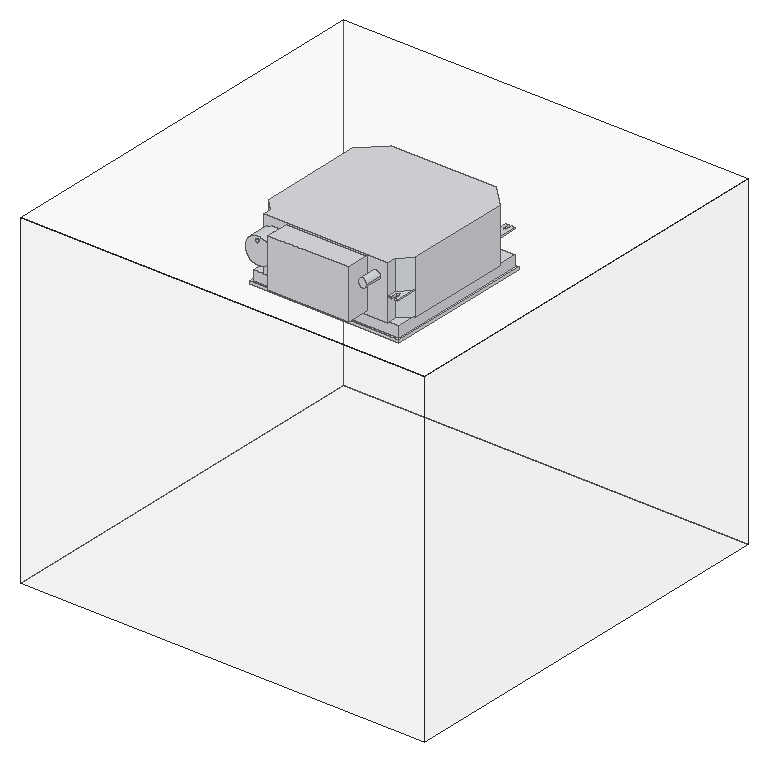
Revit family "plfyp22_56mg9_50hz", category 機械設備, Revit 2019
Family settings
  丸型コネクタ寸法 = 直径を使用
  パーツ タイプ = 標準
  OmniClass 番号 = 23.75.10.24.21.27.27
  OmniClass タイトル = Split System Air Conditioning Units
  作業面ベース = いいえ
  常に垂直 = はい
  ロード時にボイドで切り取り = いいえ
  共有 = いいえ
  部屋計算ポイント = はい
Parameters (values of type "天井4方向_PLFY-P22PMG9")
  風量（強）（m3／min） = 8.5
  風量（弱）（m3／min） = 7
  風量（中）（m3／min） = 7.5
  風量 = MAX風量  # 510.0 m³/h
  音響パワーレベル（強）(dB) = 47
  音響パワーレベル（弱）(dB) = 42
  音響パワーレベル（中）(dB) = 44
  音響パワーレベル(dB) = [音響パワーレベル（強）(dB)]  # 47
  電源種別 = ""
  電圧 = 200 V
  電動機出力_送風機 = 0.05 kW
  運転質量 = 0.00 kg
  連動 = ""
  質量 = if(製品質量 > 運転質量, 製品質量, 運転質量) * 1.2  # 19.08 kg
  負荷分類 = 3_ファン類
  構成品番 = "PLFY-P22PMG9"
  ドレン管径 (外径) = 32 mm
  ドレン管径 = 25 mm
  サービススペース = yes
  【値が 0 の項目は組合せ形名にてご確認ください】 = ""
  URL = "https://www.mitsubishielectric.co.jp/ldg/wink/ssl/top.do"
  説明 = "ビル用マルチ　天井カセット形(４方向吹出し)<システム天井タイプ>"
  設計暖房能力 = 0.00 kW
  設計冷房能力_顕熱 = 0 kW
  設計冷房能力 = 0 kW
  設置方法 = "カセット形"
  記号 [instance] = ""
  製造元 = "三菱電機株式会社"
  製品質量 = 15.90 kg
  製品出荷対象 = "国内"
  製品リリース年月 = ""
  製品グループ = ""
  系統 [instance] = ""
  符号 = "ACP-CK4"
  積算_科目 = "1 空気調和設備"
  積算_拾い区分 = ""
  相 = 1
  盤記号 [instance] = ""
  発停方法 = "付属スイッチ"
  特殊仕様 [instance] = ""
  火災停止 = ""
  消費電力_暖房 = 0.02 kW
  消費電力_冷房 = 0.02 kW
  消費電力 = if(消費電力_冷房 > 消費電力_暖房, 消費電力_冷房, 消費電力_暖房)  # 0.02 kW
  法定耐用年数 = "6"
  極数 = 1
  材質 = ""
  本体マテリアル = none
  有効加湿量 = 0
  暖房能力 = 2.50 kW
  推奨ブレーカー容量 = 15 A
  形式_加湿器 = ""
  形式 = "カセット形（4方向吹出形）"
  幹線記号 = ""
  始動方式 = "直入"
  呼称 = "マルチパッケージ形空気調和機_室内機"
  周波数 = 50 Hz
  台数_手元リモコン [instance] = ""
  台数_冷媒分岐ユニット = ""
  参照している仕様書等のバージョン = "公共建築工事標準仕様書（機械設備工事編）平成31年度版"
  加湿給水管径 = 0 mm
  分類コード = "50053003221030"
  分類グループ = ""
  冷房能力 = 2.2 kW
  冷媒高低圧ガス管径 = 0 mm
  冷媒管径符号 = "Ac"
  冷媒管径 = 100 mm
  冷媒液管径 = 6.4 mm
  冷媒ガス管径 = 12.7 mm
  企業コード = "108420"
  付属品_フィルター = ""
  付属品 = ""
  仕様書バージョン = "Version1.0"
  Model = ""
  パネルマテリアル = none
  コメント = ""
  ケーブル種類 = ""
  ケーブルサイズ = 1.6 mm
  Width = 570 mm
  Version = ""
  Uniclass2015Version = "Systems v1.9"
  Uniclass2015Title = "Split coil remote air cooled condensing units"
  Uniclass2015Code = "Pr_70_65_03_84"
  SpecificationReference = ""
  SpecificationDescription = ""
  Revision = ""
  ProductInformation = ""
  Panel Width = 580 mm
  Panel Height = 51 mm
  Panel Depth = 580 mm
  OmniClassCode = "23-33 17 13 11"
  MIN風量 = 風量（弱）（m3／min） * 60.0 m³/h  # 420.0 m³/h
  MID風量 = 風量（中）（m3／min） * 60.0 m³/h  # 450.0 m³/h
  MAX風量 = 風量（強）（m3／min） * 60.0 m³/h  # 510.0 m³/h
  IfcTypeProduct = ""
  IfcProduct = ""
  IfcExportType = "AIRCONDITIONINGUNIT"
  IfcExportAs = "IfcUnitaryEquipmentType"
  Height = 258 mm
  FamilyVersion = ""
  Depth = 570 mm
  価格 = 0
  Clearance Top = 273 mm
  Clearance Right = 500 mm
  Clearance Left = 500 mm
  Clearance Front = 500 mm
  Clearance Bottom = 1000 mm
  Clearance Back = 500 mm
  Author = "三菱電機株式会社"
Types (5, lengths in mm): name | 風量（強）（m3／min） | 風量（弱）（m3／min） | 風量（中）（m3／min） | 風量 | 音響パワーレベル（強）(dB) | 音響パワーレベル（弱）(dB) | 音響パワーレベル（中）(dB) | 音響パワーレベル(dB) | 質量 | 構成品番 | 製品質量 | 消費電力_暖房 | 消費電力_冷房 | 消費電力 | 暖房能力 | 冷房能力 | MIN風量 | MID風量 | MAX風量
  天井4方向_PLFY-P22PMG9 | 8.5 | 7 | 7.5 | 510.0 m³/h | 47 | 42 | 44 | 47 | 19.08 kg | "PLFY-P22PMG9" | 15.90 kg | 0.02 kW | 0.02 kW | 0.02 kW | 2.50 kW | 2.2 kW | 420.0 m³/h | 450.0 m³/h | 510.0 m³/h
  天井4方向_PLFY-P28PMG9 | 9 | 7 | 8 | 540.0 m³/h | 50 | 43 | 46 | 50 | 19.08 kg | "PLFY-P28PMG9" | 15.90 kg | 0.02 kW | 0.02 kW | 0.02 kW | 3.20 kW | 2.8 kW | 420.0 m³/h | 480.0 m³/h | 540.0 m³/h
  天井4方向_PLFY-P36PMG9 | 9.5 | 7 | 8 | 570.0 m³/h | 51 | 44 | 47 | 51 | 20.28 kg | "PLFY-P36PMG9" | 16.90 kg | 0.02 kW | 0.02 kW | 0.02 kW | 4.00 kW | 3.6 kW | 420.0 m³/h | 480.0 m³/h | 570.0 m³/h
  天井4方向_PLFY-P45PMG9 | 11 | 7.5 | 9 | 660.0 m³/h | 55 | 46 | 50 | 55 | 20.28 kg | "PLFY-P45PMG9" | 16.90 kg | 0.03 kW | 0.03 kW | 0.03 kW | 5.00 kW | 4.5 kW | 450.0 m³/h | 540.0 m³/h | 660.0 m³/h
  天井4方向_PLFY-P56PMG9 | 13 | 9 | 11 | 780.0 m³/h | 60 | 51 | 55 | 60 | 20.28 kg | "PLFY-P56PMG9" | 16.90 kg | 0.04 kW | 0.04 kW | 0.04 kW | 6.30 kW | 5.6 kW | 540.0 m³/h | 660.0 m³/h | 780.0 m³/h
Reference planes
  plane 1 "中心(正面/背面)": y = 0
  plane 2: z = 0
  plane 3 "中心(左/右)": x = 0
  plane 4: x = -262.5
  plane 5: x = 262.5
  plane 6: y = 262.5
  plane 7: y = -262.5
  plane 8: x = -785
  plane 9: x = 785
  plane 10: y = 785
  plane 11: y = -785
  plane 12: z = -1000
  plane 13: z = 273
  plane 14: x = -186
  plane 15: y = 285
  plane 16: y = -285
  plane 17: x = -285
  plane 18: x = 285
  plane 19: z = 258
Dimensions and locks
  plane 4 to plane 5 = 525 mm
  equal spacing: plane 4, plane 3 "中心(左/右)", plane 5
  equal spacing: plane 7, plane 1 "中心(正面/背面)", plane 6
  plane 7 to plane 6 = 525 mm
  "Clearance Top": plane 13 to plane 2
  equal spacing: plane 17, plane 3 "中心(左/右)", plane 18
  "Width": plane 17 to plane 18
  equal spacing: plane 16, plane 1 "中心(正面/背面)", plane 15
  "Depth": plane 16 to plane 15
  "Clearance Bottom": level to plane 12
  "Clearance Right": plane 18 to plane 9
  "Clearance Left": plane 8 to plane 17
  "Clearance Back": plane 15 to plane 10
  "Clearance Front": plane 11 to plane 16
  "Height": plane 19 to level
  aligned and locked: level to plane 2
  aligned and locked: plane 4 to nested 2
  aligned and locked: plane 5 to nested 2
  aligned and locked: nested 2 to plane 6
  aligned and locked: plane 7 to nested 2
  aligned and locked: plane 8 to nested 1
  aligned and locked: plane 9 to nested 1
  aligned and locked: plane 12 to nested 1
  aligned and locked: plane 13 to nested 1
  aligned and locked: plane 3 "中心(左/右)" to nested 3
  aligned and locked: nested 3 to level
  aligned and locked: plane 1 "中心(正面/背面)" to nested 3
  aligned and locked: plane 10 to nested 1
  aligned and locked: plane 11 to nested 1
Nested families
  nested 1: "サービススペース" at (0, 0, -363.5), visible <- "サービススペース", type "サービススペース"
    with Width 1570 mm, Height 1273 mm, Depth 1570 mm
  nested 2: "固定点" at (-262.5, -262.5, 0), type "固定点"
    with W 525 mm, D 525 mm
  nested 3: "PLFY-P○○PMG9_1_SN" at (0, 0, 0), パネルマテリアル <- "パネルマテリアル", 本体マテリアル <- "本体マテリアル", type "PLFY-P○○PMG9_1_SN"
    with ユニット表示 yes
Connectors
  piping at (196, -349, 201), diameter 25, driven by "ドレン管径"
    settings: on nested 3, index 1, connector inside diameter 609.6 mm, connector length 0 mm, flow factor 0, pipe flow 0.0 L/s, pressure drop 0.0 Pa, fitting loss kfactor 0, connector angle 0.00°, fixture units 0, engagement length 0 mm, angle of deflection 0.00°, flow configuration 1, flow direction 2, fitting loss method 4, system type 16, joint type 0, gender type 0, connector reference index -1, connector utility 0, adjustable connector no, is connector primary yes, connector description ""
  piping at (-199, -363, 180.5), diameter 100, driven by "冷媒管径", driven by "冷媒管径符号"
    settings: on nested 3, index 2, connector inside diameter 609.6 mm, connector length 0 mm, flow factor 0, pipe flow 0.0 L/s, pressure drop 0.0 Pa, fitting loss kfactor 0, connector angle 0.00°, fixture units 0, engagement length 0 mm, angle of deflection 0.00°, flow configuration 1, flow direction 1, fitting loss method 4, system type 7, joint type 0, gender type 0, connector reference index -1, connector utility 0, adjustable connector no, is connector primary no, connector description "Ac"
  electrical at (4.5, -373, 159.5), driven by "極数", driven by "負荷分類", driven by "電圧", driven by "消費電力"
    settings: on nested 3, index 3, voltage 200 V, apparent load 20 VA, apparent load phase1 0 VA, apparent load phase2 0 VA, apparent load phase3 0 VA, power factor 1, load classification "3_ファン類", number of poles 1, system type 30, power factor state 1, is connector primary yes, connector utility no, sub classification motor no, connector description ""
Definition of nested family "サービススペース"
  Parameters (values of type "サービススペース")
    Width [instance] = 500 mm
    Height [instance] = 500 mm
    Depth [instance] = 500 mm
  Reference planes
    plane 1 "中心(正面/背面)": y = 0
    plane 2: z = 0
    plane 3 "中心(左/右)": x = 0
    plane 4: y = -250
    plane 5: x = 250
    plane 6: y = 250
    plane 7: x = -250
    plane 8: z = 250
    plane 9: z = -250
  Forms (mm)
    Extrusion 1, solid
      sketch origin (-638.939, 0, 72.39) x (1, 0, 0) y (0, 1, 0)
        loop
          line (388.939, 250) -> (388.939, -250) -> (888.939, -250) -> (888.939, 250) -> (388.939, 250)
      from -322.39 to 177.61
  Lines and regions (mm)
    symbolic lines
      curve 1: line (-250, 0, 250) -> (250, 0, 250)
      curve 2: line (-250, 0, -250) -> (-250, 0, 250)
      curve 3: line (250, 0, -250) -> (-250, 0, -250)
      curve 4: line (250, 0, 250) -> (250, 0, -250)
      curve 5: line (0, -250, 250) -> (0, 250, 250)
      curve 6: line (0, -250, -250) -> (0, -250, 250)
      curve 7: line (0, 250, -250) -> (0, -250, -250)
      curve 8: line (0, 250, 250) -> (0, 250, -250)
      curve 9: line (-250, 250, 0) -> (250, 250, 0)
      curve 10: line (-250, -250, 0) -> (-250, 250, 0)
      curve 11: line (250, -250, 0) -> (-250, -250, 0)
      curve 12: line (250, 250, 0) -> (250, -250, 0)
  Dimensions and locks
    equal spacing: plane 7, plane 3 "中心(左/右)", plane 5
    equal spacing: plane 4, plane 1 "中心(正面/背面)", plane 6
    "Depth": plane 4 to plane 6
    "Width": plane 7 to plane 5
    equal spacing: plane 8, plane 2, plane 9
    "Height": plane 8 to plane 9
    aligned and locked: plane 9 to curve 3
    aligned and locked: plane 7 to curve 2
    aligned and locked: curve 4 to plane 5
    aligned and locked: plane 5 to Extrusion 1
    aligned and locked: Extrusion 1 to plane 7
    aligned and locked: Extrusion 1 to plane 9
    aligned and locked: plane 8 to Extrusion 1
    aligned and locked: plane 9 to curve 7
  Automatic sketch dimensions
    plane 4 to Extrusion 1 sketch curve = 0 mm
    Extrusion 1 sketch curve to plane 7 = 0 mm
    Extrusion 1 sketch curve to plane 5 = 0 mm
    plane 6 to Extrusion 1 sketch curve = 0 mm
    curve 2 to plane 8 = 0 mm
    plane 4 to curve 11 = 0 mm
    curve 11 to plane 7 = 0 mm
    curve 11 to plane 5 = 0 mm
    plane 6 to curve 10 = 0 mm
    curve 7 to plane 4 = 0 mm
    curve 7 to plane 6 = 0 mm
    curve 6 to plane 8 = 0 mm
Definition of nested family "PLFY-P○○PMG9_1_SN"
  Parameters (values of type "PLFY-P○○PMG9_1_SN")
    液配管サイズ = 6.4 mm
    高さ = 258 mm
    本体マテリアル [instance] = none
    奥行き = 570 mm
    吊りボルトピッチ_Y = 525 mm
    吊りボルト_H = 140 mm
    冷媒配管 = 100 mm
    冷媒液管径-Z = 146 mm
    冷媒液管径-Y = 63 mm
    冷媒液管径-X = 196 mm
    冷媒ガス管径-Z = 215 mm
    冷媒ガス管径-Y = 78 mm
    冷媒ガス管径-X = 202 mm
    ユニット表示 [instance] = yes
    吊りボルトピッチ_X = 525 mm
    パネルマテリアル [instance] = none
    ドレン配管サイズ = 32 mm
    ドレン管径-Z = 201 mm
    ドレン管径-Y = 64 mm
    ドレン管径-X = 196 mm
    ガス配管サイズ = 12.7 mm
    幅さ = 570 mm
  Reference planes
    plane 1 "中心(正面/背面)": y = 0
    plane 2: z = 0
    plane 3 "中心(左/右)": x = 0
    plane 4: x = -285
    plane 5: x = 285
    plane 6: y = 285
    plane 7: y = -285
    plane 8: z = 50
    plane 9: z = 258
    plane 10: y = -285
    plane 11: x = -204
    plane 12: x = 204
    plane 13: y = 204
    plane 14: y = -204
    plane 15: y = -249
    plane 16: x = 240.5
    plane 17: x = -240.5
    plane 18: x = -281
    plane 19: y = 281
    plane 20: x = 281
    plane 21: y = -281
    plane 22: y = 290
    plane 23: x = -290
    plane 24: x = 290
    plane 25: y = -290
    plane 26: z = 10
    plane 27: x = -262.5
    plane 28: x = 262.5
    plane 29: y = 262.5
    plane 30: y = -262.5
    plane 31: x = 268.5
    plane 32: x = 256.5
    plane 33: x = -256.5
    plane 34: x = -268.5
    plane 35: x = -280.5
    plane 36: x = -244.5
    plane 37: x = 244.5
    plane 38: x = 280.5
    plane 39: z = 145
    plane 40: z = 140
    plane 41: z = 201
    plane 42: z = 215
    plane 43: z = 146
    plane 44: x = 196
    plane 45: x = -196
    plane 46: x = -202
    plane 47: x = -199
    plane 48: z = 180.5
    plane 49: y = -348
    plane 50: y = -363
    plane 51: y = -349
    plane 52: y = -373
    plane 53: x = 161
    plane 54: x = -152
    plane 55: z = 254
    plane 56: z = 65
  Forms (mm)
    Extrusion 1, solid, material <- "本体マテリアル", visible <- "ユニット表示", detail levels fine
      sketch origin (0, 0, 0) x (1, 0, 0) y (0, 1, 0)
        loop
          line (285, 204) -> (204, 285) -> (-204, 285) -> (-285, 204) -> (-285, -204.5) -> (-240.5, -249) -> (-240.5, -285) -> (240.5, -285) -> (240.5, -249) -> (285, -204.5) -> (285, 204)
      from 50 to 258
    Extrusion 2, solid, material <- "パネルマテリアル", visible <- "ユニット表示", detail levels fine
      sketch origin (0, 0, 0) x (1, 0, 0) y (0, 1, 0)
        loop
          line (-281, 281) -> (-281, -281) -> (281, -281) -> (281, 281) -> (-281, 281)
      from 10 to 50
    Extrusion 3, solid, material <- "パネルマテリアル", visible <- "ユニット表示", detail levels fine
      sketch origin (0, 0, 0) x (1, 0, 0) y (0, 1, 0)
        loop
          line (-290, 290) -> (-290, -290) -> (290, -290) -> (290, 290) -> (-290, 290)
      from 0 to 10
    Extrusion 4, solid, material <- "本体マテリアル", visible <- "ユニット表示", detail levels fine
      sketch origin (0, 0, 0) x (1, 0, 0) y (0, 1, 0)
        loop
          line (-280.5, 285) -> (-280.5, 208.5) -> (-244.5, 244.5) -> (-244.5, 285) -> (-256.5, 285) -> (-256.5, 262.5)
          arc (-256.5, 262.5) -> (-262.5, 256.5) -> (-268.5, 262.5) r 6
          line (-268.5, 262.5) -> (-268.5, 285) -> (-280.5, 285)
        loop
          line (280.5, 285) -> (268.5, 285) -> (268.5, 262.5)
          arc (268.5, 262.5) -> (262.5, 256.5) -> (256.5, 262.5) r 6
          line (256.5, 262.5) -> (256.5, 285) -> (244.5, 285) -> (244.5, 244.5) -> (280.5, 208.5) -> (280.5, 285)
        loop
          line (-280.5, -285) -> (-268.5, -285) -> (-268.5, -262.5)
          arc (-268.5, -262.5) -> (-262.5, -256.5) -> (-256.5, -262.5) r 6
          line (-256.5, -262.5) -> (-256.5, -285) -> (-244.5, -285) -> (-244.5, -245) -> (-280.5, -209) -> (-280.5, -285)
        loop
          line (280.5, -285) -> (280.5, -209) -> (244.5, -245) -> (244.5, -285) -> (256.5, -285) -> (256.5, -262.5)
          arc (256.5, -262.5) -> (262.5, -256.5) -> (268.5, -262.5) r 6
          line (268.5, -262.5) -> (268.5, -285) -> (280.5, -285)
      from 140 to 145
    Extrusion 5, solid, material <- "本体マテリアル", visible <- "ユニット表示", detail levels fine
      sketch origin (0, -282, 0) x (-1, 0, 0) y (0, 0, 1)
        loop
          circle (196, 146) r 3.2
      from -66 to -3
    Extrusion 6, solid, material <- "本体マテリアル", visible <- "ユニット表示", detail levels fine
      sketch origin (0, -282, 0) x (-1, 0, 0) y (0, 0, 1)
        loop
          circle (202, 215) r 6.35
      from -81 to -3
    Extrusion 7, solid, material <- "本体マテリアル", visible <- "ユニット表示", detail levels fine
      sketch origin (0, -282, 0) x (-1, 0, 0) y (0, 0, 1)
        loop
          circle (199, 180.5) r 50
      from -81 to -3
    Extrusion 8, solid, material <- "本体マテリアル", visible <- "ユニット表示", detail levels fine
      sketch origin (0, -282, 0) x (-1, 0, 0) y (0, 0, 1)
        loop
          circle (-196, 201) r 16
      from -67 to -3
    Extrusion 9, solid, material <- "本体マテリアル", visible <- "ユニット表示", detail levels fine
      sketch origin (0, -282, 0) x (-1, 0, 0) y (0, 0, 1)
        loop
          line (152, 254) -> (-161, 254) -> (-161, 65) -> (152, 65) -> (152, 254)
      from -91 to -3
  Lines and regions (mm)
    Masking region 1, visible <- "ユニット表示", detail levels coarse+medium
      outline origin (0, 0, 0) x (1, 0, 0) y (0, 1, 0)
        loop
          line (-285, 285) -> (-285, -285) -> (285, -285) -> (285, 285) -> (-285, 285)
    symbolic lines, visible <- "ユニット表示"
      curve 1: line (-285, 285, 0) -> (285, 285, 0)
      curve 2: line (-285, -285, 0) -> (-285, 285, 0)
      curve 3: line (285, -285, 0) -> (-285, -285, 0)
      curve 4: line (285, 285, 0) -> (285, -285, 0)
    model lines, visible <- "ユニット表示", detail levels fine
      curve 5: line (-180, 180, 0) -> (180, 180, 0)
      curve 6: line (-180, -180, 0) -> (-180, 180, 0)
      curve 7: line (180, -180, 0) -> (-180, -180, 0)
      curve 8: line (180, 180, 0) -> (180, -180, 0)
      curve 9: line (-145, 272, 0) -> (145, 272, 0)
      curve 10: line (-145, 234, 0) -> (-145, 272, 0)
      curve 11: line (145, 234, 0) -> (-145, 234, 0)
      curve 12: line (145, 272, 0) -> (145, 234, 0)
      curve 13: line (234, 145, 0) -> (272, 145, 0)
      curve 14: line (234, -145, 0) -> (234, 145, 0)
      curve 15: line (272, -145, 0) -> (234, -145, 0)
      curve 16: line (272, 145, 0) -> (272, -145, 0)
      curve 17: line (-272, 145, 0) -> (-234, 145, 0)
      curve 18: line (-272, -145, 0) -> (-272, 145, 0)
      curve 19: line (-234, -145, 0) -> (-272, -145, 0)
      curve 20: line (-234, 145, 0) -> (-234, -145, 0)
      curve 21: line (-145, -234, 0) -> (145, -234, 0)
      curve 22: line (-145, -272, 0) -> (-145, -234, 0)
      curve 23: line (145, -272, 0) -> (-145, -272, 0)
      curve 24: line (145, -234, 0) -> (145, -272, 0)
      curve 25: line (162.5, 162.5, 0) -> (-162.5, 162.5, 0)
      curve 26: line (-162.5, 162.5, 0) -> (-162.5, -162.5, 0)
      curve 27: line (162.5, -162.5, 0) -> (162.5, 162.5, 0)
      curve 28: line (-162.5, -162.5, 0) -> (162.5, -162.5, 0)
      curve 29: line (-81.25, 162.5, 0) -> (-81.25, -162.5, 0)
      curve 30: line (0, 162.5, 0) -> (0, -162.5, 0)
      curve 31: line (81.25, 162.5, 0) -> (81.25, -162.5, 0)
      curve 32: line (162.5, 145.395, 0) -> (-162.5, 145.395, 0)
      curve 33: line (162.5, 128.289, 0) -> (-162.5, 128.289, 0)
      curve 34: line (162.5, 111.184, 0) -> (-162.5, 111.184, 0)
      curve 35: line (162.5, 94.079, 0) -> (-162.5, 94.079, 0)
      curve 36: line (162.5, 76.974, 0) -> (-162.5, 76.974, 0)
      curve 37: line (162.5, 59.868, 0) -> (-162.5, 59.868, 0)
      curve 38: line (162.5, 42.763, 0) -> (-162.5, 42.763, 0)
      curve 39: line (162.5, 25.658, 0) -> (-162.5, 25.658, 0)
      curve 40: line (162.5, 8.553, 0) -> (-162.5, 8.553, 0)
      curve 41: line (162.5, -8.553, 0) -> (-162.5, -8.553, 0)
      curve 42: line (162.5, -25.658, 0) -> (-162.5, -25.658, 0)
      curve 43: line (162.5, -42.763, 0) -> (-162.5, -42.763, 0)
      curve 44: line (162.5, -59.868, 0) -> (-162.5, -59.868, 0)
      curve 45: line (162.5, -76.974, 0) -> (-162.5, -76.974, 0)
      curve 46: line (162.5, -94.079, 0) -> (-162.5, -94.079, 0)
      curve 47: line (162.5, -111.184, 0) -> (-162.5, -111.184, 0)
      curve 48: line (162.5, -128.289, 0) -> (-162.5, -128.289, 0)
      curve 49: line (162.5, -145.395, 0) -> (-162.5, -145.395, 0)
  Dimensions and locks
    equal spacing: plane 4, plane 3 "中心(左/右)", plane 5
    "幅さ": plane 4 to plane 5
    equal spacing: plane 6, plane 1 "中心(正面/背面)", plane 7
    "奥行き": plane 6 to plane 7
    "高さ": plane 9 to level
    locked: plane 6 to plane 13 at 81
    locked: plane 12 to plane 5 at 81
    locked: plane 4 to plane 11 at 81
    locked: plane 4 to plane 17 at 44.5
    locked: plane 16 to plane 5 at 44.5
    locked: plane 15 to plane 10 at 36
    locked: plane 14 to plane 15 at 45
    locked: plane 21 to plane 10 at 4
    locked: plane 6 to plane 19 at 4
    locked: plane 20 to plane 5 at 4
    locked: plane 4 to plane 18 at 4
    locked: plane 10 to plane 25 at 5
    locked: plane 22 to plane 6 at 5
    locked: plane 5 to plane 24 at 5
    locked: plane 23 to plane 4 at 5
    locked: plane 26 to level at 10
    locked: plane 8 to plane 26 at 40
    equal spacing: plane 27, plane 3 "中心(左/右)", plane 28
    "吊りボルトピッチ_X": plane 27 to plane 28
    equal spacing: plane 30, plane 1 "中心(正面/背面)", plane 29
    "吊りボルトピッチ_Y": plane 30 to plane 29
    plane 35 to plane 34 to plane 27 to plane 33 to plane 36 = 12 mm locked, 6 mm locked, 6 mm locked, 12 mm locked
    plane 37 to plane 32 to plane 28 to plane 31 to plane 38 = 12 mm locked, 6 mm locked, 6 mm locked, 12 mm locked
    locked: plane 39 to plane 40 at 5
    locked: plane 40 to level at 140
    "ドレン管径-Z": plane 41 to level
    "冷媒液管径-Z": plane 43 to level
    "冷媒液管径-X": plane 45 to plane 3 "中心(左/右)"
    "ドレン管径-X": plane 3 "中心(左/右)" to plane 44
    equal spacing: plane 46, plane 47, plane 45
    equal spacing: plane 42, plane 48, plane 43
    "冷媒液管径-Y": plane 10 to plane 49
    "冷媒ガス管径-Y": plane 10 to plane 50
    "ドレン管径-Y": plane 10 to plane 51
    locked: plane 4 to plane 54 at 133
    locked: plane 53 to plane 5 at 124
    locked: plane 10 to plane 52 at 88
    locked: plane 56 to plane 8 at 15
    locked: plane 9 to plane 55 at 4
    "冷媒ガス管径-X": plane 46 to plane 3 "中心(左/右)"
    "冷媒ガス管径-Z": plane 42 to level
    "液配管サイズ": diameter of Extrusion 5 sketch curve
    "ガス配管サイズ": diameter of Extrusion 6 sketch curve
    "冷媒配管": diameter of Extrusion 7 sketch curve
    "ドレン配管サイズ": diameter of Extrusion 8 sketch curve
    aligned and locked: level to plane 2
    aligned and locked: plane 9 to Extrusion 1
    aligned and locked: Extrusion 1 to plane 8
    aligned and locked: Extrusion 1 sketch curve to plane 5
    aligned and locked: Extrusion 1 sketch curve to plane 6
    aligned and locked: Extrusion 1 sketch curve to plane 4
    aligned and locked: Extrusion 1 sketch curve to plane 10
    aligned and locked: Extrusion 1 sketch curve to plane 16
    aligned and locked: Extrusion 1 sketch curve to plane 17
    aligned and locked: Extrusion 2 sketch curve to plane 18
    aligned and locked: Extrusion 2 sketch curve to plane 19
    aligned and locked: Extrusion 2 sketch curve to plane 20
    aligned and locked: Extrusion 2 sketch curve to plane 21
    aligned and locked: Extrusion 3 sketch curve to plane 22
    aligned and locked: Extrusion 3 sketch curve to plane 23
    aligned and locked: Extrusion 3 sketch curve to plane 24
    aligned and locked: Extrusion 3 sketch curve to plane 25
    aligned and locked: plane 8 to Extrusion 2
    aligned and locked: Extrusion 2 to plane 26
    aligned and locked: Extrusion 3 to level
    aligned and locked: plane 26 to Extrusion 3
    aligned and locked: Extrusion 4 sketch curve to plane 6  (x2)
    aligned and locked: Extrusion 4 sketch curve to plane 33
    aligned and locked: Extrusion 4 sketch curve to plane 36
    aligned and locked: Extrusion 4 sketch curve to plane 34
    aligned and locked: Extrusion 4 sketch curve to plane 35
    aligned and locked: plane 29 to Extrusion 4 sketch curve  (x2)
    aligned and locked: plane 27 to Extrusion 4 sketch curve  (x2)
    aligned and locked: Extrusion 1 to Extrusion 4 sketch curve  (x2)
    aligned and locked: Extrusion 4 sketch curve to Extrusion 1  (x2)
    aligned and locked: Extrusion 4 sketch curve to plane 37
    aligned and locked: plane 6 to Extrusion 4 sketch curve  (x2)
    aligned and locked: Extrusion 4 sketch curve to plane 31
    aligned and locked: Extrusion 4 sketch curve to plane 32
    aligned and locked: Extrusion 4 sketch curve to plane 38
    aligned and locked: plane 28 to Extrusion 4 sketch curve  (x2)
    aligned and locked: plane 10 to Extrusion 4 sketch curve  (x2)
    aligned and locked: plane 31 to Extrusion 4 sketch curve
    aligned and locked: plane 32 to Extrusion 4 sketch curve
    aligned and locked: plane 37 to Extrusion 4 sketch curve
    aligned and locked: plane 38 to Extrusion 4 sketch curve
    aligned and locked: plane 30 to Extrusion 4 sketch curve  (x2)
    aligned and locked: plane 35 to Extrusion 4 sketch curve
    aligned and locked: plane 34 to Extrusion 4 sketch curve
    aligned and locked: plane 33 to Extrusion 4 sketch curve
    aligned and locked: plane 36 to Extrusion 4 sketch curve
    aligned and locked: Extrusion 4 sketch curve to plane 10  (x2)
    aligned and locked: plane 39 to Extrusion 4
    aligned and locked: Extrusion 4 to plane 40
    aligned and locked: plane 43 to Extrusion 5 sketch curve
    aligned and locked: plane 45 to Extrusion 5 sketch curve
    aligned and locked: plane 42 to Extrusion 6 sketch curve
    aligned and locked: plane 46 to Extrusion 6 sketch curve
    aligned and locked: plane 48 to Extrusion 7 sketch curve
    aligned and locked: plane 47 to Extrusion 7 sketch curve
    aligned and locked: Extrusion 5 to plane 49
    aligned and locked: Extrusion 6 to plane 50
    aligned and locked: Extrusion 7 to plane 50
    aligned and locked: plane 10 to Extrusion 7
    aligned and locked: plane 10 to Extrusion 6
    aligned and locked: plane 10 to Extrusion 5
    aligned and locked: plane 41 to Extrusion 8 sketch curve
    aligned and locked: plane 44 to Extrusion 8 sketch curve
    aligned and locked: Extrusion 8 to plane 51
    aligned and locked: plane 10 to Extrusion 8
    aligned and locked: plane 55 to Extrusion 9 sketch curve
    aligned and locked: Extrusion 9 sketch curve to plane 54
    aligned and locked: Extrusion 9 sketch curve to plane 56
    aligned and locked: plane 53 to Extrusion 9 sketch curve
    aligned and locked: Extrusion 9 to plane 52
    aligned and locked: plane 10 to Extrusion 9
    aligned and locked: Masking region 1 sketch curve to plane 6
    aligned and locked: plane 10 to Masking region 1 sketch curve
    aligned and locked: plane 4 to Masking region 1 sketch curve
    aligned and locked: Masking region 1 sketch curve to plane 5
    aligned and locked: curve 1 to plane 6
    aligned and locked: plane 10 to curve 3
    aligned and locked: plane 4 to curve 2
    aligned and locked: curve 4 to plane 5
  Automatic sketch dimensions
    Extrusion 1 sketch curve to plane 11 = 0 mm
    Extrusion 1 sketch curve to plane 12 = 0 mm
    Extrusion 1 sketch curve to plane 14 = 0.5 mm  (x2)
    Extrusion 1 sketch curve to plane 13 = 0 mm  (x2)
    Extrusion 1 sketch curve to plane 15 = 0 mm  (x2)
    curve 19 to plane 34 = 3.5 mm
    plane 17 to curve 17 = 6.5 mm
    plane 45 to curve 7 = 16 mm
    plane 54 to curve 11 = 7 mm
    plane 54 to curve 21 = 7 mm
    curve 9 to plane 53 = 16 mm
    curve 21 to plane 53 = 16 mm
    curve 8 to plane 44 = 16 mm
    curve 14 to plane 16 = 6.5 mm
    plane 31 to curve 16 = 3.5 mm
    plane 21 to curve 24 = 9 mm
    plane 15 to curve 24 = 15 mm
    plane 14 to curve 7 = 24 mm
    plane 14 to curve 20 = 59 mm
    plane 14 to curve 16 = 59 mm
    curve 14 to plane 13 = 59 mm
    curve 17 to plane 13 = 59 mm
    curve 5 to plane 13 = 24 mm
    plane 29 to curve 11 = 28.5 mm
    curve 12 to plane 19 = 9 mm
    curve 7 to curve 27 = 17.5 mm
    curve 30 to plane 3 "中心(左/右)" = 0 mm
    plane 54 to curve 29 = 70.75 mm
    curve 31 to plane 53 = 79.75 mm
    curve 26 to curve 5 = 17.5 mm
    curve 41 to plane 54 = 10.5 mm
    plane 53 to curve 48 = 1.5 mm
    curve 27 to curve 49 = 17.105 mm
    curve 49 to curve 48 = 17.105 mm
    curve 48 to curve 47 = 17.105 mm
    curve 47 to curve 46 = 17.105 mm
    curve 46 to curve 45 = 17.105 mm
    curve 45 to curve 44 = 17.105 mm
    curve 44 to curve 43 = 17.105 mm
    curve 43 to curve 42 = 17.105 mm
    plane 1 "中心(正面/背面)" to curve 41 = 8.553 mm
    curve 40 to plane 1 "中心(正面/背面)" = 8.553 mm
    curve 40 to curve 39 = 17.105 mm
    curve 39 to curve 38 = 17.105 mm
    curve 38 to curve 37 = 17.105 mm
    curve 37 to curve 36 = 17.105 mm
    curve 36 to curve 35 = 17.105 mm
    curve 35 to curve 34 = 17.105 mm
    curve 34 to curve 33 = 17.105 mm
    curve 33 to curve 32 = 17.105 mm
Definition of nested family "固定点"
  Parameters (values of type "固定点")
    中心円 = 20 mm
    W [instance] = 1000 mm
    D [instance] = 1000 mm
  Reference planes
    plane 1 "中心(正面/背面)": y = 0
    plane 2: z = 0
    plane 3 "中心(左/右)": x = 0
    plane 4: x = 1000
    plane 5: y = 1000
  Lines and regions (mm)
    symbolic lines, detail levels fine
      curve 1: circle (0, 1000, 0) r 10 normal (0, 0, 1)
      curve 2: circle (0, 0, 0) r 10 normal (0, 0, 1)
      curve 3: circle (1000, 1000, 0) r 10 normal (0, 0, 1)
      curve 4: circle (1000, 0, 0) r 10 normal (0, 0, 1)
      curve 5: line (-200, 1000, 0) -> (1200, 1000, 0)
      curve 6: line (-200, 0, 0) -> (1200, 0, 0)
      curve 7: line (0, 1200, 0) -> (0, -200, 0)
      curve 8: line (1000, 1200, 0) -> (1000, -200, 0)
  Dimensions and locks
    "W": plane 3 "中心(左/右)" to plane 4
    "D": plane 1 "中心(正面/背面)" to plane 5
    "中心円": diameter of curve 1
    "中心円": diameter of curve 2
    "中心円": diameter of curve 3
    "中心円": diameter of curve 4
    aligned and locked: level to plane 2
    aligned and locked: plane 5 to curve 1
    aligned and locked: plane 3 "中心(左/右)" to curve 1
    aligned and locked: plane 3 "中心(左/右)" to curve 2
    aligned and locked: plane 1 "中心(正面/背面)" to curve 2
    aligned and locked: plane 4 to curve 3
    aligned and locked: plane 5 to curve 3
    aligned and locked: plane 1 "中心(正面/背面)" to curve 4
    aligned and locked: plane 4 to curve 4
    aligned and locked: plane 1 "中心(正面/背面)" to curve 6
    aligned and locked: curve 7 to plane 3 "中心(左/右)"
    aligned and locked: curve 8 to plane 4
  Automatic sketch dimensions
    curve 5 to plane 5 = 0 mm
    curve 6 to plane 3 "中心(左/右)" = 200 mm
    curve 5 to plane 3 "中心(左/右)" = 200 mm
    curve 4 to curve 6 = 200 mm
    curve 3 to curve 5 = 200 mm
    plane 1 "中心(正面/背面)" to curve 8 = 200 mm
    plane 1 "中心(正面/背面)" to curve 7 = 200 mm
    curve 3 to curve 8 = 200 mm
    curve 1 to curve 7 = 200 mm
